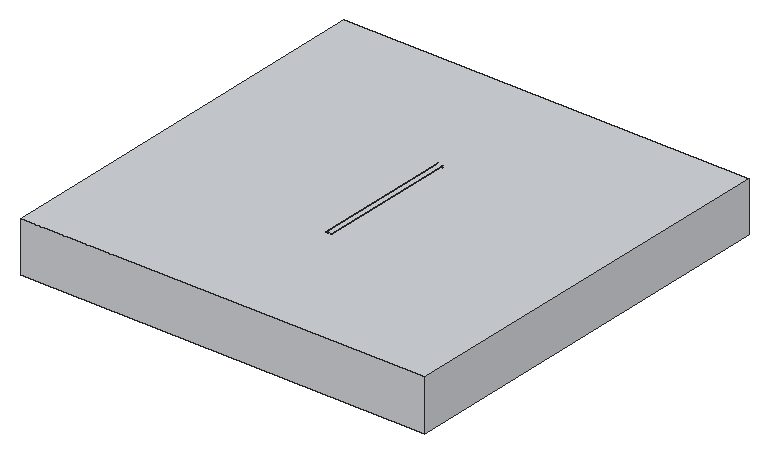
Revit family "LAMP_FIL 35 840MM OPAL TRIMLESS", category Luminarias, Revit 2018
Family settings
  Anfitrión = Cara
  Cota de conector redondo = Diámetro de uso
  Tipo de pieza = Normal
  Corte con vacíos al cargar = No
  Origen de luz = Sí
  Compartido = No
  Punto de cálculo de habitación = No
Parameters (values of type "866LM 3000K  WHITE")
  Ángulo de inclinación = -90.00°
  Weight = 2.00 kg
  Wattage = 8.8 W
  Type = "MID POWER TRIDONIC"
  built-in parameter 1150107 = 3000 (stored number, unit not read)
  Recessed dimensions = "847x52x0"
  built-in parameter 1150110 = 1 (stored number, unit not read)
  built-in parameter 1150109 = 1 (stored number, unit not read)
  built-in parameter 1150112 = 1 (stored number, unit not read)
  built-in parameter 1150113 = 1 (stored number, unit not read)
  built-in parameter 1114218 = 1 (stored number, unit not read)
  Protection rating = "IP20 / IK07"
  Product datasheet = "http://www.lamp.es/product-files/TECH/F31TR084LOOP830NW-EN.pdf"
  Product code = "F31TR084LOOP830NW"
  Product URL = "https://www.lamp.es/en/family/fil-35_413911"
  Power Supply = "220-240V 50/60Hz"
  Power = 8 W
  Plum = 8.8 W
  Photobiological risk = ""
  NOT COVER 2 [instance] = not(END COVER 2)  # no
  NOT COVER 1 [instance] = not(END COVER 1)  # no
  built-in parameter 1150137 = (empty or 0)
  built-in parameter 1150132 = 2
  Modelo = Product code  # "F31TR084LOOP830NW"
  Model Explanation = ""
  Material suspension = LAMP_Acero genérico
  Material perfil = LAMP_Aluminio Perfil Fil BL
  Material difusor = LAMP_PC Difusor Opal Fil
  Manufacturer name = "LAMP"
  Manufacturer country = "Spain"
  Manufacturer URL = "http://www.lamp.es/en"
  MacAdam = "3"
  Longitud de línea de emisión = 840 mm
  Last update = "05/05/2021"
  Lamp = "MID-POWER LED"
  LED Lifetime = "50.000 L90 B10"
  built-in parameter 1150105 = 342.52 (stored number, unit not read)
  built-in parameter 1150102 = (empty or 0)
  Insulation class = "I"
  Installation instructions = "https://www.lamp.es/product-files/INS/1004590-A%20INSTR.%20FIL35.pdf"
  built-in parameter 1150106 = 3.4252 (stored number, unit not read)
  IEE = "A+"
  Gear = "Electronic"
  Lumens = 866.8 lm
  Finish = "Matte white RAL 9010"
  Color Filter = 16777215
  built-in parameter 1114217 = 1 (stored number, unit not read)
  built-in parameter 1150139 = (empty or 0)
  Fabricante = Manufacturer name  # "LAMP"
  Default Elevation = 1219.2 mm
  built-in parameter 1150104 = 9.1509 (stored number, unit not read)
  Efficacy = 98.5 lm/W
  END COVER 2 [instance] = yes
  END COVER 1 [instance] = yes
  Dimensions = "840x51x76"
  Descripción = "FIL35 TRIM 840 1200 WW OPAL WH."
  built-in parameter 1150115 = 1 (stored number, unit not read)
  built-in parameter 1150114 = 1 (stored number, unit not read)
  built-in parameter 1150138 = (empty or 0)
  built-in parameter 1150134 = 3
  Dimming Lamp Color Temperature Shift = (empty or 0)
  CRI = "80"
  Archivo de red fotométrica = "F31TR084LOOP830NW.IES"
  built-in parameter 1150133 = 10 (stored number, unit not read)
Types (4, lengths in mm): name | built-in parameter 1150107 | Product datasheet | Product code | Modelo | built-in parameter 1150105 | built-in parameter 1150106 | Lumens | built-in parameter 1150104 | Efficacy | Descripción | Archivo de red fotométrica
  866LM 3000K DALI WHITE | 3000 (stored number, unit not read) | "http://www.lamp.es/product-files/TECH/F31TR084LOOP830DW-EN.pdf" | "F31TR084LOOP830DW" | "F31TR084LOOP830DW" | 342.52 (stored number, unit not read) | 3.4252 (stored number, unit not read) | 866.8 lm | 9.1509 (stored number, unit not read) | 98.5 lm/W | "FIL35 TRIM 840 1200 WW OPAL DALI WH." | "F31TR084LOOP830nW.IES"
  866LM 3000K  WHITE | 3000 (stored number, unit not read) | "http://www.lamp.es/product-files/TECH/F31TR084LOOP830NW-EN.pdf" | "F31TR084LOOP830NW" | "F31TR084LOOP830NW" | 342.52 (stored number, unit not read) | 3.4252 (stored number, unit not read) | 866.8 lm | 9.1509 (stored number, unit not read) | 98.5 lm/W | "FIL35 TRIM 840 1200 WW OPAL WH." | "F31TR084LOOP830NW.IES"
  912LM 4000K DALI WHITE | 4000 (stored number, unit not read) | "http://www.lamp.es/product-files/TECH/F31TR084LOOP840DW-EN.pdf" | "F31TR084LOOP840DW" | "F31TR084LOOP840DW" | 72.549 (stored number, unit not read) | 0.72549 (stored number, unit not read) | 911.68 lm | 9.6248 (stored number, unit not read) | 103.6 lm/W | "FIL35 TRIM 840 1200 NW OPAL DALI WH." | "F31TR084LOOP840nW.IES"
  912LM 4000K  WHITE | 4000 (stored number, unit not read) | "http://www.lamp.es/product-files/TECH/F31TR084LOOP840NW-EN.pdf" | "F31TR084LOOP840NW" | "F31TR084LOOP840NW" | 360.25 (stored number, unit not read) | 3.6025 (stored number, unit not read) | 911.68 lm | 9.6248 (stored number, unit not read) | 103.6 lm/W | "FIL35 TRIM 840 1200 NW OPAL WH." | "F31TR084LOOP840NW.IES"
Reference planes
  plane 1 "Centro (Frontal/Posterior)": y = 0
  plane 2: z = 0
  plane 3 "Centro (Izquierda/Derecha)": x = 0
Forms (mm)
  Extrusion 1, solid
    sketch origin (0, 0, 0) x (1, 0, 0) y (0, 1, 0)
      loop
        line (-1219.2, 1219.2) -> (-1219.2, -1219.2) -> (1219.2, -1219.2) -> (1219.2, 1219.2) -> (-1219.2, 1219.2)
    from 0 to -304.8
  Extrusion 2, solid, material "LAMP_Aluminio Perfil Fil BL" <- "Material perfil"
    sketch origin (0, 0, -281.8) x (1, 0, 0) y (0, 0, 1)
      loop
        line (-17.5, 205.82) -> (0, 205.82) -> (17.5, 205.82) -> (17.5, 270.3) -> (25.5, 270.3) -> (25.5, 271.8) -> (17.5, 271.8) -> (17.5, 280.8) -> (16.5, 281.8) -> (16.5, 259) -> (0, 259) -> (-16.5, 259) -> (-16.5, 281.8) -> (-17.5, 280.8) -> (-17.5, 271.8) -> (-25.5, 271.8) -> (-25.5, 270.3) -> (-17.5, 270.3) -> (-17.5, 205.82)
    from -420 to 420
  Extrusion 3, solid, material "LAMP_PC Difusor Opal Fil" <- "Material difusor"
    sketch origin (0, 0, -283) x (1, 0, 0) y (0, 0, 1)
      loop
        line (-16.5, 283) -> (-16.5, 281.8) -> (16.5, 281.8) -> (16.5, 283) -> (-16.5, 283)
    from 420 to -420
Text (mm)
  text "Any modification of the parameters and properties of the LAMP BIM models must be executed and validated by the LAMP technical department.\nPhone: +34 93 736 68 00\nE-mail: lamp@lamp.es\n\nLAMP reserves the right to modify the technical specifications of its products." at (3249.303, 5266.069, -2786.139), in view "Preview"
Dimensions and locks
  aligned and locked: plane 2 to Extrusion 1
  aligned and locked: level to Extrusion 1
Nested families
  nested 1: "LAMP_FIL 35 END COVER TRIMLESS" at (0, -421, -76), visible <- "END COVER 1", type "Blanco"
  nested 2: "LAMP_FIL 35 END COVER TRIMLESS" at (0, 421, -76), visible <- "END COVER 2", type "Blanco"
Connectors
  electrical at (0, 0, -75.3)
    settings: on Extrusion 2, index 1, voltage 230 V, apparent load 0 VA, apparent load phase1 0 VA, apparent load phase2 0 VA, apparent load phase3 0 VA, power factor 1, load classification "Otro", number of poles 1, system type 31, power factor state 1, is connector primary yes, connector utility no, sub classification motor no, connector description ""
Definition of nested family "LAMP_FIL 35 END COVER TRIMLESS"
  Parameters (values of type "Blanco")
    Material tapa = none
  Reference planes
    plane 1 "Centro (Frontal/Posterior)": y = 0
    plane 2: z = 0
    plane 3 "Centro (Izquierda/Derecha)": x = 0
  Forms (mm)
    Extrusion 1, solid, material <- "Material tapa"
      sketch origin (0, 0, 0) x (0, -1, 0) y (0, 0, 1)
        loop
          line (0, 0) -> (1, 0) -> (1, 76) -> (-1, 76) -> (-1, 0) -> (0, 0)
      from -17.5 to 17.5
    Extrusion 2, void
      sketch origin (-1, 0, 65.55) x (1, 0, 0) y (0, 0, 1)
        loop
          line (18.5, 0) -> (18.5, 10.45) -> (17.5, 10.45) -> (17.5, 0) -> (18.5, 0)
      from -23.5 to 23.5
    Extrusion 3, void
      sketch origin (1, 0, 65.55) x (-1, 0, 0) y (0, 0, -1)
        loop
          line (18.5, 0) -> (17.5, 0) -> (17.5, -10.45) -> (18.5, -10.45) -> (18.5, 0)
      from -23.5 to 23.5
  Cuts and joins
    Extrusion 2, Extrusion 3 cuts Extrusion 1
  Dimensions and locks
    aligned and locked: level to plane 2
